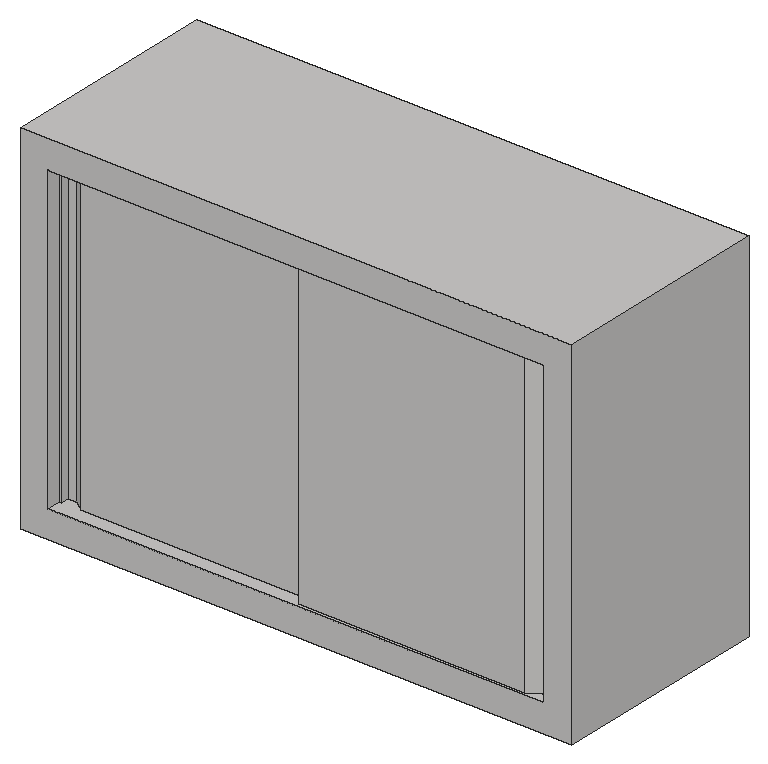
Revit family "QF_ELECTROLUXPROFESSIONAL_132830_PS1000LCN", category Specialty Equipment, Revit 2018
Family settings
  Round Connector Dimension = Use Diameter
  Part Type = Normal
  Work Plane-Based = No
  Always vertical = Yes
  Cut with Voids When Loaded = No
  Shared = No
  Room Calculation Point = No
Parameters
  Weight = 0.00 kg
  Watts = 0 W
  Volts = 0 V
  URL Manufacturer = ""
  Steam Supply Size = 0 mm
  Steam Supply Minimum Pressure = 0.0 Pa
  Steam Supply Maximum Pressure = 0.0 Pa
  Steam Pounds per Hour = 0
  Refrigeration Suction Line Size = 0 mm
  Refrigeration Liquid Line Size = 0 mm
  Refrigerant Compressor Remote = yes
  Phase = 0
  Length Actual = 0 mm
  Item Number = ""
  Hot Water Size = 0 mm
  Height Actual = 0 mm
  HP = ""
  Gas Size = 0 mm
  Gas KW = 0
  Gas Input Pressure = 0 W
  Direct Waste Size = 0 mm
  Depth Actual = 0 mm
  Cycle = 0 Hz
  Condensate Return Size = 0 mm
  Compressed Air Volume = 0.0 L/s
  Compressed Air Size = 0 mm
  Compressed Air Pressure = 0.0 Pa
  Cold Water Size = 0 mm
  Accessory = yes
Reference planes
  plane 1 "Center (Front/Back)": y = 0
  plane 2: z = 0
  plane 3 "Center (Left/Right)": x = 0
  plane 4: y = 200
  plane 5 "Left": x = -500
  plane 6 "Right": x = 500
  plane 7: y = -200
  plane 8: y = -154.5
  plane 9: z = 2200
  plane 10: z = 1550
  plane 11: y = 150
Forms (mm)
  Extrusion 1, solid, material "QF_Finishes_Stainless Steel"
    sketch origin (0, 0, 0) x (1, 0, 0) y (0, 1, 0)
      loop
        line (-500, 200) -> (-500, -200) -> (500, -200) -> (500, 200) -> (-500, 200)
    from 1550 to 2200
  Extrusion 2, void
    sketch origin (500, -154.5, 0) x (1, 0, 0) y (0, 0, -1)
      loop
        line (-950, -2150) -> (-50, -2150) -> (-50, -1600) -> (-950, -1600) -> (-950, -2150)
    from -45.5 to 304.5
Cuts and joins
  Extrusion 2 cuts Extrusion 1
Lines and regions (mm)
  symbolic lines
    curve 1: line (-500, 200, 0) -> (500, 200, 0)
    curve 2: line (-500, -200, 0) -> (-500, 200, 0)
    curve 3: line (500, -200, 0) -> (-500, -200, 0)
    curve 4: line (500, 200, 0) -> (500, -200, 0)
    curve 5: line (-500, 200, 0) -> (500, -200, 0)
    curve 6: line (-500, -200, 0) -> (500, 200, 0)
Dimensions and locks
  equal spacing: plane 5 "Left", plane 3 "Center (Left/Right)", plane 6 "Right"
  equal spacing: plane 4, plane 1 "Center (Front/Back)", plane 7
  plane 8 to plane 7 = 45.5 mm
  plane 10 to level = 1550 mm
  plane 3 "Center (Left/Right)" to plane 6 "Right" = 500 mm
  plane 7 to plane 1 "Center (Front/Back)" = 200 mm
  locked: plane 4 to plane 11 at 50
  locked: cut or joined group of Extrusion 1, Extrusion 2 to plane 9 at 50
  locked: plane 5 "Left" to Extrusion 2 sketch curve at 50
  locked: plane 6 "Right" to Extrusion 2 sketch curve at 50
  plane 10 to nested 1 = 50 mm
  plane 9 to plane 10 = 650 mm
  aligned and locked: level to plane 2
  aligned and locked: plane 11 to Extrusion 2
  aligned and locked: cut or joined group of Extrusion 1, Extrusion 2 to nested 1  (x2)
  aligned and locked: Extrusion 1 to plane 10
  aligned and locked: plane 9 to Extrusion 1
  aligned and locked: nested 1 to cut or joined group of Extrusion 1, Extrusion 2  (x2)
Automatic sketch dimensions
  plane 5 "Left" to Extrusion 1 sketch curve = 0 mm
  Extrusion 1 sketch curve to plane 6 "Right" = 0 mm
  Extrusion 1 sketch curve to plane 4 = 0 mm
  Extrusion 2 sketch curve to plane 9 = 50 mm
  plane 10 to Extrusion 2 sketch curve = 50 mm
  Extrusion 1 sketch curve to plane 8 = 45.5 mm
  curve 1 to plane 4 = 0 mm
  curve 1 to plane 5 "Left" = 0 mm
  curve 6 to plane 6 "Right" = 0 mm
  curve 3 to plane 7 = 0 mm
Nested families
  nested 1: "Sliding Door" at (0, -154.5, 1875) x (-1, 0, 0) z (0, -1, 0), type "Sliding Door"
    with L 900 mm, H 550 mm
Definition of nested family "Sliding Door"
  Parameters
    L [instance] = 468 mm
    H [instance] = 560 mm
    Default Elevation = 1219.2 mm
  Reference planes
    plane 1 "Centro (Fronte/Retro)": y = 0
    plane 2: z = 0
    plane 3 "Centro (Sinistra/Destra)": x = 0
    plane 4: y = 280
    plane 5: y = -280
    plane 6: x = 234
    plane 7: x = -234
  Forms (mm)
    Extrusion 1, solid
      sketch origin (0, 0, 0) x (1, 0, 0) y (0, 1, 0)
        loop
          line (-1219.2, 1219.2) -> (-1219.2, -1219.2) -> (1219.2, -1219.2) -> (1219.2, 1219.2) -> (-1219.2, 1219.2)
      from 0 to -304.8
    Extrusion 2, solid
      sketch origin (-234, 0, 20) x (-1, 0, 0) y (0, 0, -1)
        loop
          line (-234, 0) -> (-234, -20) -> (-39.641, -20) -> (-19.162, -5.661) -> (-5, -5.661) -> (-5, -20) -> (0, -20) -> (0, 0) -> (-234, 0)
      from -280 to 280
    Extrusion 3, solid
      sketch origin (234, 0, 0) x (1, 0, 0) y (0, 0, 1)
        loop
          line (-234, 0) -> (0, 0) -> (0, 20) -> (-5, 20) -> (-5, 5.661) -> (-19.162, 5.661) -> (-39.641, 20) -> (-234, 20) -> (-234, 0)
      from -280 to 280
  Dimensions and locks
    equal spacing: plane 4, plane 1 "Centro (Fronte/Retro)", plane 5
    "H": plane 4 to plane 5
    "L": plane 6 to plane 7
    locked: Extrusion 2 sketch curve to Extrusion 2 sketch curve at 5
    locked: Extrusion 2 sketch curve to Extrusion 2 sketch curve at 14.162
    locked: Extrusion 2 sketch curve to Extrusion 2 sketch curve at 39.641
    locked: Extrusion 3 sketch curve to Extrusion 3 sketch curve at 5
    locked: Extrusion 3 sketch curve to Extrusion 3 sketch curve at 14.162
    locked: Extrusion 3 sketch curve to Extrusion 3 sketch curve at 39.641
    equal spacing: plane 7, plane 3 "Centro (Sinistra/Destra)", plane 6
    aligned and locked: plane 2 to Extrusion 1
    aligned and locked: level to Extrusion 1
    aligned and locked: plane 4 to Extrusion 2
    aligned and locked: Extrusion 2 to plane 5
    aligned and locked: Extrusion 3 to plane 5
    aligned and locked: plane 4 to Extrusion 3
  Automatic sketch dimensions
    Extrusion 1 sketch curve to Extrusion 1 sketch curve = 2438.4 mm  (x2)
    Extrusion 2 sketch curve to plane 3 "Centro (Sinistra/Destra)" = 0 mm
    plane 7 to Extrusion 2 sketch curve = 0 mm
    Extrusion 2 sketch curve to Extrusion 2 sketch curve = 14.339 mm  (x2)
    Extrusion 3 sketch curve to plane 3 "Centro (Sinistra/Destra)" = 0 mm
    Extrusion 3 sketch curve to plane 6 = 0 mm
    Extrusion 3 sketch curve to Extrusion 3 sketch curve = 14.339 mm
    level to Extrusion 2 sketch curve = 40 mm
    Extrusion 2 sketch curve to Extrusion 2 sketch curve = 20 mm
    Extrusion 3 sketch curve to level = 0 mm
    level to Extrusion 3 sketch curve = 5.661 mm
    level to Extrusion 3 sketch curve = 20 mm
